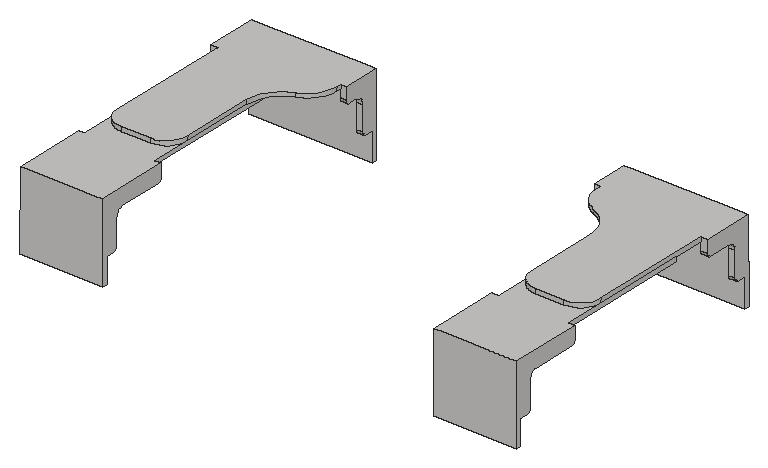
Revit family "PRD_AR_GlvnzdStlBrckts_AquafixWallBrackets_ZCMPX140", category Specialty Equipment, Revit 2018
Family settings
  Round Connector Dimension = Use Diameter
  Part Type = Normal
  OmniClass Number = 23.40.20.21
  OmniClass Title = Toilet and Bath Specialties
  Work Plane-Based = No
  Always vertical = No
  Cut with Voids When Loaded = No
  Shared = Yes
  Room Calculation Point = No
Parameters
  WarrantyStartDate [instance] = "1900-12-31T23:59:59"
  WarrantyGuarantorParts = "n/a"
  WarrantyGuarantorLabor = "n/a"
  WarrantyDurationUnit = "year"
  WarrantyDurationParts = "n/a"
  WarrantyDurationLabor = "n/a"
  WarrantyDescription = "n/a"
  Version = "1"
  Uniclass2015Version = "Products v1.10"
  Uniclass2015Title = "Galvanized steel brackets"
  Uniclass2015Code = "Pr_20_85_09_33"
  URL = "www.kwc.com"
  TagNumber [instance] = "n/a"
  SustainabilityPerformance = "n/a"
  Style = "n/a"
  Size = "60 x 40 x 177 mm"
  ShapeFinish = "n/a"
  Shape = "n/a"
  SerialNumber [instance] = "n/a"
  Revision = "n/a"
  ReplacementCost = "n/a"
  ProductInformation = "https://pim.kwc.com/product/2000100867/attachment/datasheet?locale=en"
  NominalWidth = 60 mm
  NominalHeight = 40 mm
  NominalDepth = 177 mm
  NetWeight = 0.48 kg
  Name = "AQUAFIX wall brackets ZCMPX140"
  NBSTypeID = "n/a"
  NBSReference = "45-70-05/370"
  NBSOfficeMasterTag = "n/a"
  NBSNote = "n/a"
  NBSDescription = "Galvanized steel brackets"
  NBSCertification = "n/a"
  ModelReference = "ZCMPX140"
  ModelNumber = "2000100867"
  Model = ModelReference  # "ZCMPX140"
  MaterialThickness = "n/a"
  Material = "galvanized steel"
  ManufacturerURL = "www.kwc.com"
  ManufacturerName = "KWC Group AG"  # constant formula
  Manufacturer = ManufacturerName  # "KWC Group AG"
  MainColor = "galvanized steel"
  Length [instance] = 140 mm
  L [instance] = if(and(Length > 110 mm, Length < 125 mm), 110 mm, if(Length < 102 mm, 102 mm, if(Length > 177 mm, 177 mm, Length)))  # 140 mm
  InstallationDate [instance] = "1900-12-31T23:59:59"
  IfcExportType = "USERDEFINED"
  IfcExportAs = "IfcFurnitureType"
  GrossWeight = 0.50 kg
  Grade = "n/a"
  Form = "Wall-mounted"
  Finish = "galvanized"
  FillingQuantity = "2"
  Features = "galvanized steel, included fixing material"
  ExpectedLife = "n/a"
  DurationUnit = "year"
  Description = "AQUAFIX wall brackets for pre-wall installation, for fastening AQUAFIX installation elements on masonry or in front of the single plank wall, continuously adjustable in depth, for individual mounting, galvanized steel, included fixing material, packaging unit 2 pieces."
  DistanceToTheCentre [instance] = DistanceBetween / 2  # 100 mm
  DistanceBetween [instance] = 200 mm
  Dimensions = "n/a"
  Description_2 = "AQUAFIX wall brackets for pre-wall installation, for fastening AQUAFIX installation elements on masonry or in front of the single plank\r\nwall, continuously adjustable in depth, for individual mounting, galvanized steel, included fixing material, packaging unit 2 pieces."
  CreateOn = "11/2018"  # constant formula
  Constituents = "n/a"
  Color = "galvanized steel"
  CodePerformance = "n/a"
  Category = "Pr_20_85_09_33, Galvanized Steel Brackets"
  BracketMaterial = PRD_AR_GalvanizedSteel
  BarCode [instance] = "n/a"
  BIMObjectName = "PRD_AR_GlvnzdStlBrckts_AquafixWallBrackets_ZCMPX140"
  Author = "Archispace"  # constant formula
  AssetType = "Fixed"
  AssetIdentifier [instance] = "n/a"
  AccessibilityPerformance = "n/a"
Reference planes
  plane 1 "Center (Front/Back)": y = 0
  plane 2: z = 0
  plane 3 "Center (Left/Right)": x = 0
  plane 4: z = 40
  plane 5: y = -63
  plane 6: y = 77
Dimensions and locks
  plane 4 to level = 40 mm
  "L": plane 6 to plane 5
  locked: plane 1 "Center (Front/Back)" to plane 6 at 77
  "DistanceToTheCentre": nested 2 to plane 3 "Center (Left/Right)"
  "DistanceToTheCentre": nested 1 to plane 3 "Center (Left/Right)"
  "DistanceToTheCentre": plane 3 "Center (Left/Right)" to nested 4
  "DistanceToTheCentre": plane 3 "Center (Left/Right)" to nested 3
  aligned and locked: level to plane 2
  aligned and locked: nested 2 to plane 5
  aligned and locked: plane 6 to nested 1
  aligned and locked: nested 4 to plane 6
  aligned and locked: plane 5 to nested 3
Nested families
  nested 1: "ZPMCX140 part1" at (-100, 0, 0), Material <- "BracketMaterial", type "part1"
    with Material PRD_AR_GalvanizedSteel
  nested 2: "ZPMCX140 part2" at (-100, 37, 0), Material <- "BracketMaterial", type "part2"
    with Material PRD_AR_GalvanizedSteel
  nested 3: "ZPMCX140 part2" at (100, 37, 0) x (-1, 0, 0) z (0, 0, 1), Material <- "BracketMaterial", type "part2"
    with Material PRD_AR_GalvanizedSteel
  nested 4: "ZPMCX140 part1" at (100, 0, 0) x (-1, 0, 0) z (0, 0, 1), Material <- "BracketMaterial", type "part1"
    with Material PRD_AR_GalvanizedSteel
Definition of nested family "ZPMCX140 part1"
  Parameters (values of type "part1")
    URL = "www.franke.com"
    Model = "SIRX837"
    Material [instance] = none
    ManufacturerURL = "www.franke.com"
    ManufacturerName = "FRANKE Water Systems AG"  # constant formula
    Manufacturer = ManufacturerName  # "FRANKE Water Systems AG"
    Description = "Bracket for wall mounting, stainless steel, surface satin finished, material thickness 1.5 mm, incl. stainless steel screws and dowels."
    BIMObjectName = "PRD_FrankeWS_SinkSupports_BracketForPlasterSinks_SIRX837"
    Author = "Archispace"  # constant formula
  Reference planes
    plane 1 "Center (Front/Back)": y = 0
    plane 2: z = 0
    plane 3 "Center (Left/Right)": x = 0
    plane 4: z = 40
    plane 5: x = -20
    plane 6: x = 20
    plane 7: x = 40
    plane 8: y = 77
  Forms (mm)
    Extrusion 1, solid, material <- "Material", detail levels fine
      sketch origin (0, 0, 0) x (1, 0, 0) y (0, 0, 1)
        loop
          line (-20, 38) -> (-20, 0) -> (40, 0) -> (40, 38) -> (-20, 38)
      from -77 to -75
    Extrusion 2, solid, material <- "Material", detail levels fine
      sketch origin (0, 0, 0) x (1, 0, 0) y (0, 1, 0)
        loop
          line (-6.897, -18.003) -> (6.897, -18.003)
          arc (6.897, -18.003) -> (13.969, -15.074) -> (16.897, -8.003) r 10
          line (16.897, -8.003) -> (16.897, 27.415)
          arc (16.897, 27.415) -> (19.946, 37.269) -> (28.027, 43.679) r 17.448
          arc (28.027, 43.679) -> (34.665, 48.945) -> (37.17, 57.04) r 14.334
          line (37.17, 57.04) -> (37.17, 59.046) -> (40, 59.046) -> (40, 77) -> (-20, 77) -> (-20, 52.271) -> (-16.897, 52.271) -> (-16.897, -8.003)
          arc (-16.897, -8.003) -> (-13.969, -15.074) -> (-6.897, -18.003) r 10
      from 38 to 40
    Extrusion 3, solid, material <- "Material", detail levels fine
      sketch origin (0, 0, 0) x (0, 1, 0) y (0, 0, 1)
        loop
          line (77, 40) -> (52.271, 40) -> (52.271, 34)
          arc (52.271, 34) -> (52.857, 32.586) -> (54.271, 32) r 2
          line (54.271, 32) -> (65, 32)
          arc (65, 32) -> (67.828, 30.828) -> (69, 28) r 4
          line (69, 28) -> (69, 16)
          arc (69, 16) -> (69.586, 14.586) -> (71, 14) r 2
          line (71, 14) -> (77, 14) -> (77, 40)
      from -20 to -16.897
    Extrusion 4, solid, material <- "Material", detail levels fine
      sketch origin (0, 0, 0) x (0, 1, 0) y (0, 0, -1)
        loop
          line (77, -40) -> (77, -14) -> (71, -14)
          arc (71, -14) -> (69.586, -14.586) -> (69, -16) r 2
          line (69, -16) -> (69, -28)
          arc (69, -28) -> (67.828, -30.828) -> (65, -32) r 4
          line (65, -32) -> (61.046, -32)
          arc (61.046, -32) -> (59.632, -32.586) -> (59.046, -34) r 2
          line (59.046, -34) -> (59.046, -40) -> (77, -40)
      from -40 to -37.17
    Extrusion 5, solid, material <- "Material", detail levels medium
      sketch origin (0, 0, 0) x (1, 0, 0) y (0, 1, 0)
        loop
          line (-20, 77) -> (-20, 52.271) -> (-16.897, 52.271) -> (-16.897, -18.003) -> (16.897, -18.003) -> (16.897, 27.415) -> (37.17, 59.046) -> (40, 59.046) -> (40, 77) -> (-20, 77)
      from 38 to 40
    Extrusion 6, solid, material <- "Material", detail levels medium
      sketch origin (0, 0, 0) x (0, 1, 0) y (0, 0, 1)
        loop
          line (75, 38) -> (52.271, 38) -> (52.271, 14) -> (75, 14) -> (75, 38)
      from -20 to -16.897
    Extrusion 7, solid, material <- "Material", detail levels medium
      sketch origin (0, 0, 0) x (0, 1, 0) y (0, 0, 1)
        loop
          line (75, 38) -> (59.046, 38) -> (59.046, 14) -> (75, 14) -> (75, 38)
      from 37.17 to 40
    Extrusion 8, solid, material <- "Material", detail levels medium
      sketch origin (0, 0, 0) x (1, 0, 0) y (0, 0, 1)
        loop
          line (-20, 40) -> (-20, 0) -> (40, 0) -> (40, 40) -> (-20, 40)
      from -77 to -75
  Cuts and joins
    joined: Extrusion 1, Extrusion 2, Extrusion 3, Extrusion 4
    joined: Extrusion 5, Extrusion 6, Extrusion 7, Extrusion 8
  Dimensions and locks
    equal spacing: plane 5, plane 3 "Center (Left/Right)", plane 6
    locked: plane 5 to plane 6 at 40
    plane 4 to level = 40 mm
    aligned and locked: level to plane 2
    aligned and locked: plane 8 to Extrusion 1
    aligned and locked: plane 4 to Extrusion 2
    aligned and locked: plane 4 to Extrusion 5
    aligned and locked: Extrusion 5 to cut or joined group of Extrusion 1, Extrusion 2, Extrusion 3, Extrusion 4
    aligned and locked: plane 5 to Extrusion 6
    aligned and locked: Extrusion 6 to cut or joined group of Extrusion 1, Extrusion 2, Extrusion 3, Extrusion 4
    aligned and locked: Extrusion 7 to cut or joined group of Extrusion 1, Extrusion 2, Extrusion 3, Extrusion 4
    aligned and locked: plane 7 to Extrusion 7
    aligned and locked: Extrusion 8 sketch curve to cut or joined group of Extrusion 1, Extrusion 2, Extrusion 3, Extrusion 4  (x4)
    aligned and locked: plane 8 to Extrusion 8
    aligned and locked: Extrusion 8 to cut or joined group of Extrusion 1, Extrusion 2, Extrusion 3, Extrusion 4
  Automatic sketch dimensions
    Extrusion 1 sketch curve to level = 0 mm
    plane 5 to Extrusion 1 sketch curve = 0 mm
    Extrusion 1 sketch curve to plane 7 = 0 mm
    Extrusion 1 sketch curve to plane 4 = 2 mm
    Extrusion 2 sketch curve to plane 5 = 0 mm
    Extrusion 2 sketch curve to plane 7 = 0 mm
    Extrusion 2 sketch curve to plane 8 = 0 mm
    Extrusion 2 sketch curve to plane 5 = 3.103 mm
    Extrusion 2 sketch curve to plane 3 "Center (Left/Right)" = 6.897 mm
    plane 3 "Center (Left/Right)" to Extrusion 2 sketch curve = 6.897 mm
    plane 6 to Extrusion 2 sketch curve = 3.103 mm
    Extrusion 2 sketch curve to plane 6 = 2.836 mm
    Extrusion 2 sketch curve to plane 7 = 5.654 mm
    Extrusion 2 sketch curve to plane 7 = 2.83 mm
    Extrusion 2 sketch curve to Extrusion 2 sketch curve = 17.954 mm
    Extrusion 2 sketch curve to Extrusion 2 sketch curve = 2.006 mm
    Extrusion 2 sketch curve to Extrusion 2 sketch curve = 24.729 mm
    Extrusion 2 sketch curve to plane 1 "Center (Front/Back)" = 27.415 mm
    plane 1 "Center (Front/Back)" to Extrusion 2 sketch curve = 8.003 mm
    Extrusion 3 sketch curve to plane 4 = 0 mm
    Extrusion 3 sketch curve to plane 8 = 0 mm
    Extrusion 3 sketch curve to Extrusion 3 sketch curve = 6 mm
    Extrusion 3 sketch curve to plane 8 = 8 mm
    Extrusion 3 sketch curve to Extrusion 3 sketch curve = 4 mm
    Extrusion 3 sketch curve to plane 4 = 6 mm
    Extrusion 3 sketch curve to Extrusion 3 sketch curve = 10.729 mm
    Extrusion 3 sketch curve to Extrusion 3 sketch curve = 2 mm
    Extrusion 3 sketch curve to Extrusion 3 sketch curve = 12 mm
    Extrusion 4 sketch curve to plane 4 = 0 mm
    Extrusion 4 sketch curve to plane 8 = 0 mm
    Extrusion 4 sketch curve to Extrusion 4 sketch curve = 6 mm
    Extrusion 4 sketch curve to plane 8 = 8 mm
    Extrusion 4 sketch curve to Extrusion 4 sketch curve = 4 mm
    Extrusion 4 sketch curve to plane 4 = 6 mm
    Extrusion 4 sketch curve to Extrusion 4 sketch curve = 3.954 mm
    Extrusion 4 sketch curve to Extrusion 4 sketch curve = 2 mm
    Extrusion 4 sketch curve to Extrusion 4 sketch curve = 12 mm
    Extrusion 5 sketch curve to plane 5 = 0 mm
    Extrusion 5 sketch curve to plane 7 = 0 mm
    Extrusion 5 sketch curve to plane 8 = 0 mm
    Extrusion 5 sketch curve to Extrusion 5 sketch curve = 3.103 mm
    plane 6 to Extrusion 5 sketch curve = 3.103 mm
    Extrusion 5 sketch curve to plane 7 = 2.83 mm
    Extrusion 5 sketch curve to plane 8 = 17.954 mm
    Extrusion 5 sketch curve to plane 8 = 24.729 mm
    plane 1 "Center (Front/Back)" to Extrusion 5 sketch curve = 18.003 mm
    Extrusion 5 sketch curve to plane 1 "Center (Front/Back)" = 27.415 mm
    Extrusion 6 sketch curve to plane 4 = 2 mm
    Extrusion 6 sketch curve to plane 8 = 24.729 mm
    Extrusion 6 sketch curve to plane 8 = 2 mm
    level to Extrusion 6 sketch curve = 14 mm
    Extrusion 7 sketch curve to plane 4 = 2 mm
    Extrusion 7 sketch curve to plane 8 = 17.954 mm
    Extrusion 7 sketch curve to plane 8 = 2 mm
    level to Extrusion 7 sketch curve = 14 mm
Definition of nested family "ZPMCX140 part2"
  Parameters (values of type "part2")
    URL = "www.franke.com"
    Model = "SIRX837"
    Material [instance] = none
    ManufacturerURL = "www.franke.com"
    ManufacturerName = "FRANKE Water Systems AG"  # constant formula
    Manufacturer = ManufacturerName  # "FRANKE Water Systems AG"
    Description = "Bracket for wall mounting, stainless steel, surface satin finished, material thickness 1.5 mm, incl. stainless steel screws and dowels."
    BIMObjectName = "PRD_FrankeWS_SinkSupports_BracketForPlasterSinks_SIRX837"
    Author = "Archispace"  # constant formula
  Reference planes
    plane 1 "Center (Front/Back)": y = 0
    plane 2: z = 0
    plane 3 "Center (Left/Right)": x = 0
    plane 4: z = 40
  Forms (mm)
    Extrusion 1, solid, material <- "Material", detail levels fine
      sketch origin (0, 0, 0) x (1, 0, 0) y (0, 1, 0)
        loop
          line (-20, -64.841) -> (-20, -100) -> (20, -100) -> (20, -64.841) -> (16.9, -64.841) -> (16.9, 0) -> (-16.9, 0) -> (-16.9, -64.841) -> (-20, -64.841)
      from 36 to 38
    Extrusion 2, solid, material <- "Material", detail levels fine
      sketch origin (0, 0, 0) x (1, 0, 0) y (0, 0, 1)
        loop
          line (-20, 36) -> (-20, 0) -> (20, 0) -> (20, 36) -> (-20, 36)
      from 98 to 100
    Extrusion 3, solid, material <- "Material", detail levels fine
      sketch origin (0, 0, 0) x (0, 1, 0) y (0, 0, 1)
        loop
          line (-100, 38) -> (-100, 12) -> (-94, 12)
          arc (-94, 12) -> (-92.586, 12.586) -> (-92, 14) r 2
          line (-92, 14) -> (-92, 26)
          arc (-92, 26) -> (-90.828, 28.828) -> (-88, 30) r 4
          line (-88, 30) -> (-66.841, 30)
          arc (-66.841, 30) -> (-65.427, 30.586) -> (-64.841, 32) r 2
          line (-64.841, 32) -> (-64.841, 38) -> (-100, 38)
      from -20 to -16.9
    Extrusion 4, solid, material <- "Material", detail levels fine
      sketch origin (0, 0, 0) x (0, 1, 0) y (0, 0, -1)
        loop
          line (-100, -38) -> (-64.841, -38) -> (-64.841, -32)
          arc (-64.841, -32) -> (-65.427, -30.586) -> (-66.841, -30) r 2
          line (-66.841, -30) -> (-88, -30)
          arc (-88, -30) -> (-90.828, -28.828) -> (-92, -26) r 4
          line (-92, -26) -> (-92, -14)
          arc (-92, -14) -> (-92.586, -12.586) -> (-94, -12) r 2
          line (-94, -12) -> (-100, -12) -> (-100, -38)
      from -20 to -16.9
    Extrusion 5, solid, material <- "Material", detail levels medium
      sketch origin (0, 0, 0) x (1, 0, 0) y (0, 1, 0)
        loop
          line (-20, -100) -> (20, -100) -> (20, 0) -> (-20, 0) -> (-20, -100)
      from 36 to 38
    Extrusion 6, solid, material <- "Material", detail levels medium
      sketch origin (0, 0, 0) x (1, 0, 0) y (0, 1, 0)
        loop
          line (-20, -100) -> (20, -100) -> (20, -98) -> (-20, -98) -> (-20, -100)
      from 0 to 38
    Extrusion 7, solid, material <- "Material", detail levels medium
      sketch origin (0, 0, 0) x (0, 1, 0) y (0, 0, 1)
        loop
          line (-64.841, 36) -> (-98, 36) -> (-98, 12) -> (-64.841, 12) -> (-64.841, 36)
      from -20 to -16.9
    Extrusion 8, solid, material <- "Material", detail levels medium
      sketch origin (0, 0, 0) x (0, 1, 0) y (0, 0, -1)
        loop
          line (-64.841, -36) -> (-64.841, -12) -> (-98, -12) -> (-98, -36) -> (-64.841, -36)
      from -20 to -16.9
  Cuts and joins
    joined: Extrusion 1, Extrusion 2, Extrusion 3, Extrusion 4
    joined: Extrusion 5, Extrusion 6, Extrusion 7, Extrusion 8
  Dimensions and locks
    plane 4 to level = 40 mm
    aligned and locked: level to plane 2
